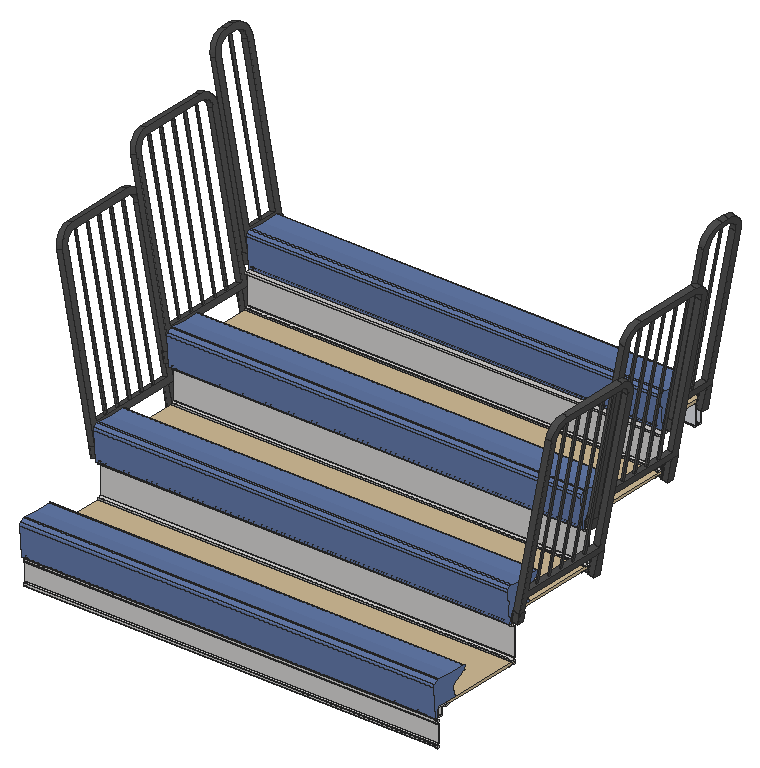
Revit family "Bleacher-Telescopic-Hussey-MAXAM-Wall_Attached", category Specialty Equipment, Revit 2026
Family settings
  Round Connector Dimension = Use Diameter
  Part Type = Normal
  Classification Number = 23.40.50.34.14
  Work Plane-Based = No
  Enable Cutting in Views = No
  Always vertical = Yes
  Cut with Voids When Loaded = No
  Maintain Annotation Orientation = No
  Shared = No
  Room Calculation Point = No
Parameters (values of type "24" Row, 11 5/8" Rise")
  URL = "http://www.husseyseating.com/"
  Type Comments = "Bleacher Bank"  # constant formula
  Top Deck Height [instance] = if(Row Rise Constraint = 1, (Row Rise * Number of Tiers) + 0' 1", if(Row Rise Constraint = 2, (Row Rise * Number of Tiers) - 0' 1", Row Rise * Number of Tiers))  # 3' - 9 1/2"
  Tier Limitation Chart [instance] = "Contact Hussey Seating Company"  # constant formula
  Show in Stowed Position [instance] = not(Show in Open Position)  # no
  Show in Open Position [instance] = yes
  Show End Rails Right [instance] = yes
  Show End Rails Left [instance] = yes
  Seat Type = Bleacher Seat : Courtside XC10
  Seat Color [instance] = Hussey - 301 Blue
  Row Spacing Note = "Do Not Change Row Spacing Constraint"  # constant formula
  Row Spacing Graphic Dimension [instance] = if(Show in Stowed Position, 0' 1", Row Spacing)  # 2' - 0"
  Row Spacing Constraint = 3
  Row Spacing = if(Row Spacing Constraint = 1, 1' 10", if(Row Spacing Constraint = 2, 1' 11", if(Row Spacing Constraint = 3, 2' 0", if(Row Spacing Constraint = 4, 2' 2", 0' 0"))))  # 2' - 0"
  Row Rise Note = "Do Not Change Row Rise Constraint"  # constant formula
  Row Rise Constraint = 2
  Row Rise = if(Row Rise Constraint = 1, 0' 9 5/8", if(Row Rise Constraint = 2, 0' 11 5/8", if(Row Rise Constraint = 3, 1' 4", 0' 0")))  # 0' - 11 5/8"
  Riser Material = Hussey - Galvanized Steel
  Product Page URL = "http://www.husseyseating.com/maxam-gym-bleachers/"
  Overall Unit Height [instance] = if(Row Rise Constraint = 1, (Row Rise * Number of Tiers) + 0' 7 1/2", if(Row Rise Constraint = 2, (Row Rise * Number of Tiers) + 0' 5 1/2", (Row Rise * Number of Tiers) + 0' 6 1/2"))  # 4' - 4"
  Overall Unit Depth [instance] = if(Show in Stowed Position, Closed Dimension, Open Dimension)  # 7' - 1 13/16"
  Open Dimension [instance] = if(Row Spacing Constraint = 1, Row Spacing * (Number of Tiers - 1) + 1' 3 13/16", if(Row Spacing Constraint = 2, Row Spacing * (Number of Tiers - 1) + 1' 2 13/16", if(Row Spacing Constraint = 3, Row Spacing * (Number of Tiers - 1) + 1' 1 13/16", Row Spacing * (Number of Tiers - 1) + 0' 11 13/16")))  # 7' - 1 13/16"
  Number of Tiers [instance] = 4
  Number of Operable Tiers [instance] = Number of Tiers - 1  # 3
  Number of Operable End Rails [instance] = Number of Operable Tiers - 1  # 2
  Nose Beam Material = Hussey - Galvanized Steel
  Model = "MAXAM"
  Manufacturer Phone Number = "1.800.341.0401"  # constant formula
  Manufacturer Email Contact = "mailto:revit@husseyseating.com?Subject=Revit Inquiry"
  Manufacturer Address 1 = "38 Dyer Street Extension"  # constant formula
  Manufacturer Address  2 = "North Berwick, Maine 03906"  # constant formula
  Manufacturer = "Hussey Seating Company"  # constant formula
  Front Row Height [instance] = if(Row Rise = 1' 4", 1' 3 15/16", 0' 10 9/16")  # 0' - 10 9/16"
  Front Closure Material = Hussey - Galvanized Steel
  Front Closure Height [instance] = if(Show in Stowed Position, Front Row Height - 0' 4", Front Row Height - 0' 4")  # 0' - 6 9/16"
  Estimated Seat Count [instance] = (Bank Length / 1' 6") * Number of Tiers  # 24
  End Rail Color = Hussey - Bleacher Rail Color
  Description = "MAXAM Telescopic Gym Bleacher Bank - Wall Attached"
  Default Elevation = 0' - 0"
  Creator URL = "http://www.revituspro.com/"
  Created By = "Revitus"  # constant formula
  Courtside XC12 Note = "Not available for 22'' Row Spacing"  # constant formula
  Copyright Notice = "© Hussey Seating Co.  All Rights Reserved."  # constant formula
  Closed Dimension [instance] = if(Row Rise Constraint = 3, (Number of Tiers * 0' 0 1/2" + 3' 2"), (Number of Tiers * 0' 0 1/2") + 3' 3")  # 3' - 5"
  CSI MasterFormat = "12 66 00"
  Bleacher Deck Material = Hussey - Plywood - 001 Natural - Bleacher Decking
  Bank Length Minimum = "9'-0''"  # constant formula
  Bank Length Maximum = "25'-6''"  # constant formula
  Bank Length Increment = "18'' Typical Increments"  # constant formula
  Bank Length [instance] = 9' - 0"
  BIM Version = "v3.1"  # constant formula
  Assembly Code = "E1020900"
Reference planes (in)
  plane 1 "Center (Front/Back)": y = 5.09375
  plane 2: z = 0
  plane 3 "Center (Left/Right)": x = -66
  plane 4 "Left": x = -120
  plane 5 "Right": x = -12
  plane 6 "Back": y = 48
  plane 7 "Front": y = -37.8125
  plane 8: z = 10.5625
  plane 9: y = -13.8125
  plane 10: z = 22.1875
  plane 11: y = 36.125
  plane 12: y = 10.1875
  plane 13: z = 1
  plane 14 "Top Deck Height": z = 45.5
  plane 15 "End Rail Alignment - Left": through (-120, -180, 0) normal (-0.1908, 0, 0.9816)
  plane 16: z = 33.8125
  plane 17 "End Rail Alignment - Right": through (120, -180, 0) normal (-0.1908, 0, -0.9816)
Lines and regions (in)
  reference lines, visible <- "Show End Rails Left"
    curve 1: line (-132, 48, 0) -> (-132, -37.8125, 0)
  reference lines, visible <- "Show End Rails Right"
    curve 2: line (0, 48, 0) -> (0, -37.8125, 0)
Dimensions and locks (in)
  equal spacing: plane 4 "Left", plane 3 "Center (Left/Right)", plane 5 "Right"
  "Bank Length": plane 4 "Left" to plane 5 "Right"
  equal spacing: plane 6 "Back", plane 1 "Center (Front/Back)", plane 7 "Front"
  "Overall Unit Depth": plane 6 "Back" to plane 7 "Front"
  "Row Spacing Graphic Dimension": plane 7 "Front" to plane 9
  locked: plane 11 to plane 6 "Back" at 11.875
  "Row Rise": plane 10 to plane 8
  "Front Row Height": plane 8 to level
  "Row Spacing Graphic Dimension": plane 9 to plane 12
  locked: plane 13 to level at 1
  equal spacing: group 1, group 2, group 3  (x3)
  "Top Deck Height": plane 14 "Top Deck Height" to level
  equal spacing: group 4, group 5, group 6  (x3)
  "Row Rise": plane 16 to plane 10
  group 7 to group 8 = 0' - 0"
  group 7 to group 8 = 2' - 0"
  group 7 to group 8 = 0' - 11 5/8"
  group 9 to group 10 = 0' - 0"
  group 9 to group 10 = 2' - 0"
  group 9 to group 10 = 0' - 11 5/8"
  locked: curve 1 to plane 4 "Left" at 12
  locked: plane 5 "Right" to curve 2 at 12
  aligned and locked: level to plane 2
  aligned and locked: plane 13 to nested 1
  aligned and locked: nested 1 to plane 7 "Front"
  aligned and locked: plane 4 "Left" to nested 1
  aligned and locked: nested 2 to plane 7 "Front"
  aligned and locked: plane 8 to nested 2
  aligned and locked: plane 4 "Left" to nested 2
  aligned and locked: nested 4 to plane 9
  aligned and locked: nested 4 to plane 10
  aligned and locked: plane 11 to nested 3
  aligned and locked: plane 14 "Top Deck Height" to nested 3
  aligned and locked: plane 4 "Left" to nested 3
  aligned and locked: plane 4 "Left" to nested 6
  aligned and locked: nested 6 to plane 7 "Front"
  aligned and locked: nested 7 to plane 9
  aligned and locked: plane 4 "Left" to nested 9
  aligned and locked: plane 11 to nested 9
  aligned and locked: plane 8 to nested 6
  aligned and locked: plane 10 to nested 7
  aligned and locked: nested 10 to plane 9
  aligned: nested 10 to plane 12
  aligned and locked: plane 4 "Left" to nested 10
  aligned: nested 10 to plane 10
  aligned: nested 11 to plane 14 "Top Deck Height"
  aligned and locked: plane 4 "Left" to nested 11
  aligned and locked: plane 11 to nested 11
  aligned and locked: nested 10 to plane 10
  aligned and locked: nested 11 to plane 14 "Top Deck Height"
  aligned and locked: nested 12 to plane 16
  aligned and locked: plane 12 to nested 12
  aligned and locked: plane 10 to nested 13
  aligned and locked: nested 13 to plane 5 "Right"
  aligned and locked: nested 13 to plane 9
  aligned and locked: nested 14 to plane 12
  aligned and locked: plane 16 to nested 14
  aligned and locked: nested 14 to plane 5 "Right"
  aligned: plane 14 "Top Deck Height" to nested 15
  aligned and locked: nested 15 to plane 11
  aligned and locked: nested 9 to nested 15
  aligned and locked: nested 13 to nested 15
Automatic sketch dimensions
  plane 7 "Front" to curve 2 = 0' - 0"
  curve 2 to plane 6 "Back" = 0' - 0"
  plane 7 "Front" to curve 1 = 0' - 0"
  curve 1 to plane 6 "Back" = 0' - 0"
Nested families (in)
  nested 1: "Bleacher-Front_Closure-Hussey" at (0, -25.8125, 1), Height <- "Front Closure Height", Bank Length <- "Bank Length", type "Bleacher-Front_Closure-Hussey"
    with Height 0' - 6 9/16", Bank Length 9' - 0"
  nested 2: "Bleacher_Tier-Hussey-MAXAM" at (0, -25.8125, 10.5625), Bank Length <- "Bank Length", type "Typical Operable Tier"
    with Bank Length 9' - 0"
  nested 3: "Bleacher_Tier-Hussey-MAXAM" at (0, 48.125, 45.5), Bank Length <- "Bank Length", type "Fixed Wall Tier"
    with Bank Length 9' - 0", Show Wall Plate yes, Show Riser no, Depth 0' - 11 1/8"
  nested 4: "Bleacher_Tier-Hussey-MAXAM" at (0, -1.8125, 22.1875), Bank Length <- "Bank Length", type "Typical Operable Tier"
    with Bank Length 9' - 0"
  nested 5: "Bleacher_Tier-Hussey-MAXAM" at (0, 22.1875, 33.8125), Bank Length <- "Bank Length", type "Typical Operable Tier"
    with Bank Length 9' - 0"
  nested 6: "Bleacher Seat" at (0, -25.8125, 10.5625), Bank Length <- "Bank Length", type <- "Seat Type", type "Courtside XC10"
    with Bank Length 9' - 0"
  nested 7: "Bleacher Seat" at (0, -1.8125, 22.1875), Bank Length <- "Bank Length", type <- "Seat Type", type "Courtside XC10"
    with Bank Length 9' - 0"
  nested 8: "Bleacher Seat" at (0, 22.1875, 33.8125), Bank Length <- "Bank Length", type <- "Seat Type", type "Courtside XC10"
    with Bank Length 9' - 0"
  nested 9: "Bleacher Seat" at (0, 48.125, 45.5), Bank Length <- "Bank Length", type <- "Seat Type", built-in parameter 1001364 <- "Top Deck Height", type "Courtside XC10"
    with Bank Length 9' - 0"
  nested 10: "Bleacher-End_Rail-Hussey-Self_Storing" at (-2.32744, -1.8125, 43.31432) x (0.9816, 0, 0.1908) z (-0.1908, 0, 0.9816), Depth <- "Row Spacing", visible <- "Show End Rails Left", type "Left End Rail"
    with Single Baluster no, Number of Balusters 5, Multiple Balusters yes, Depth 2' - 0", Baluster Spacing 0' - 4"
  nested 11: "Bleacher-End_Rail-Hussey-Self_Storing" at (-2.32744, 48.125, 66.62682) x (0.9816, 0, 0.1908) z (-0.1908, 0, 0.9816), visible <- "Show End Rails Left", type "Left End Rail"
    with Single Baluster yes, Number of Balusters 2, Multiple Balusters no, Depth 0' - 9 1/4", Baluster Spacing 0' - 4 3/8"
  nested 12: "Bleacher-End_Rail-Hussey-Self_Storing" at (-2.32744, 22.1875, 54.93932) x (0.9816, 0, 0.1908) z (-0.1908, 0, 0.9816), Depth <- "Row Spacing", visible <- "Show End Rails Left", type "Left End Rail"
    with Single Baluster no, Number of Balusters 5, Multiple Balusters yes, Depth 2' - 0", Baluster Spacing 0' - 4"
  nested 13: "Bleacher-End_Rail-Hussey-Self_Storing" at (107.39041, -1.8125, -2.76605) x (0.9816, 0, -0.1908) z (0.1908, 0, 0.9816), visible <- "Show End Rails Right", Depth <- "Row Spacing", type "Right End Rail"
    with Single Baluster no, Number of Balusters 5, Multiple Balusters yes, Depth 2' - 0", Baluster Spacing 0' - 4", Right End Rail yes, Left End Rail no
  nested 14: "Bleacher-End_Rail-Hussey-Self_Storing" at (107.39041, 22.1875, 8.85895) x (0.9816, 0, -0.1908) z (0.1908, 0, 0.9816), visible <- "Show End Rails Right", Depth <- "Row Spacing", type "Right End Rail"
    with Single Baluster no, Number of Balusters 5, Multiple Balusters yes, Depth 2' - 0", Baluster Spacing 0' - 4", Right End Rail yes, Left End Rail no
  nested 15: "Bleacher-End_Rail-Hussey-Self_Storing" at (107.39041, 48.125, 20.54645) x (0.9816, 0, -0.1908) z (0.1908, 0, 0.9816), visible <- "Show End Rails Right", type "Right End Rail"
    with Single Baluster yes, Number of Balusters 2, Multiple Balusters no, Depth 0' - 9 1/4", Baluster Spacing 0' - 4 3/8", Right End Rail yes, Left End Rail no
Definition of nested family "Bleacher-Front_Closure-Hussey"
  Parameters
    URL = "http://www.husseyseating.com/"
    Model = ""
    Manufacturer = "Hussey Seating Company"  # constant formula
    Height [instance] = 0' - 6 5/8"
    Front Closure Material = none
    Description = "Front Closure Extrusion Under First Tier"
    Default Elevation = 0' - 0"
    Created By = "Revitus"  # constant formula
    Creator URL = "http://www.revituspro.com/"
    Bank Length [instance] = 20' - 0"
    Assembly Code = ""
  Reference planes (in)
    plane 1: z = 0
    plane 2 "Center (Left/Right)": x = 0
    plane 3 "Left": x = -120
    plane 4 "Right": x = 120
    plane 5 "Front": y = -12
    plane 6: z = 6.625
    plane 7: z = 6.53125
    plane 8: y = -11.90625
    plane 9: y = -11.59415
    plane 10: y = -11.5004
    plane 11: z = 6.125
    plane 12: z = 0.5
    plane 13: z = 0.09375
  Forms (in)
    Extrusion 1, solid, material <- "Front Closure Material"
      sketch origin (0, -12.09375, 9.751) x (0, 1, 0) y (0, 0, 1)
        loop
          arc (0.09375, -3.8615) -> (0.1114, -3.93365) -> (0.16038, -3.98949) r 0.15625
          line (0.16038, -3.98949) -> (0.47295, -4.20836)
          arc (0.47295, -4.20836) -> (0.49254, -4.23069) -> (0.4996, -4.25955) r 0.0625
          line (0.4996, -4.25955) -> (0.4996, -8.61745)
          arc (0.4996, -8.61745) -> (0.49254, -8.64631) -> (0.47295, -8.66864) r 0.0625
          line (0.47295, -8.66864) -> (0.16038, -8.88751)
          arc (0.16038, -8.88751) -> (0.1114, -8.94335) -> (0.09375, -9.0155) r 0.15625
          line (0.09375, -9.0155) -> (0.09375, -9.59475)
          arc (0.09375, -9.59475) -> (0.13951, -9.70524) -> (0.25, -9.751) r 0.15625
          line (0.25, -9.751) -> (0.4371, -9.751)
          arc (0.4371, -9.751) -> (0.54759, -9.70524) -> (0.59335, -9.59475) r 0.15625
          line (0.59335, -9.59475) -> (0.59335, -9.251) -> (0.4996, -9.251) -> (0.4996, -9.59475)
          arc (0.4996, -9.59475) -> (0.48129, -9.63894) -> (0.4371, -9.65725) r 0.0625
          line (0.4371, -9.65725) -> (0.25, -9.65725)
          arc (0.25, -9.65725) -> (0.20581, -9.63894) -> (0.1875, -9.59475) r 0.0625
          line (0.1875, -9.59475) -> (0.1875, -9.0155)
          arc (0.1875, -9.0155) -> (0.19456, -8.98664) -> (0.21415, -8.9643) r 0.0625
          line (0.21415, -8.9643) -> (0.52672, -8.74544)
          arc (0.52672, -8.74544) -> (0.5757, -8.68959) -> (0.59335, -8.61745) r 0.15625
          line (0.59335, -8.61745) -> (0.59335, -4.25955)
          arc (0.59335, -4.25955) -> (0.5757, -4.18741) -> (0.52672, -4.13156) r 0.15625
          line (0.52672, -4.13156) -> (0.21415, -3.9127)
          arc (0.21415, -3.9127) -> (0.19456, -3.89036) -> (0.1875, -3.8615) r 0.0625
          line (0.1875, -3.8615) -> (0.1875, -3.28225)
          arc (0.1875, -3.28225) -> (0.20581, -3.23806) -> (0.25, -3.21975) r 0.0625
          line (0.25, -3.21975) -> (0.4371, -3.21975)
          arc (0.4371, -3.21975) -> (0.48129, -3.23806) -> (0.4996, -3.28225) r 0.0625
          line (0.4996, -3.28225) -> (0.4996, -3.626) -> (0.59335, -3.626) -> (0.59335, -3.28225)
          arc (0.59335, -3.28225) -> (0.54759, -3.17176) -> (0.4371, -3.126) r 0.15625
          line (0.4371, -3.126) -> (0.25, -3.126)
          arc (0.25, -3.126) -> (0.13951, -3.17176) -> (0.09375, -3.28225) r 0.15625
          line (0.09375, -3.28225) -> (0.09375, -3.8615)
      from -120 to 120
  Dimensions and locks (in)
    "Bank Length": plane 3 "Left" to plane 4 "Right"
    equal spacing: plane 3 "Left", plane 2 "Center (Left/Right)", plane 4 "Right"
    "Height": plane 6 to level
    plane 5 "Front" to plane 8 to plane 9 to plane 10 = 0' - 0 3/32" locked, 0' - 0.3121" locked, 0' - 0 3/32" locked
    plane 6 to plane 7 to plane 11 = 0' - 0 3/32" locked, 0' - 0 13/32" locked
    plane 12 to plane 13 to level = 0' - 0 13/32" locked, 0' - 0 3/32" locked
    aligned and locked: plane 1 to level
    aligned and locked: Extrusion 1 to plane 3 "Left"
    aligned and locked: Extrusion 1 to plane 4 "Right"
    aligned and locked: plane 6 to Extrusion 1
  Automatic sketch dimensions
    Extrusion 1 sketch curve to Extrusion 1 sketch curve = 0' - 0"  (x16)
    Extrusion 1 sketch curve to plane 5 "Front" = 0' - 0"  (x2)
    Extrusion 1 sketch curve to plane 8 = 0' - 0"  (x2)
    Extrusion 1 sketch curve to level = 0' - 0"
    Extrusion 1 sketch curve to plane 6 = 0' - 0"
    Extrusion 1 sketch curve to plane 9 = 0' - 0"  (x3)
    Extrusion 1 sketch curve to plane 10 = 0' - 0"
    Extrusion 1 sketch curve to plane 12 = 0' - 0"
    Extrusion 1 sketch curve to plane 11 = 0' - 0"
    plane 8 to Extrusion 1 sketch curve = 0' - 0.02712"  (x2)
    Extrusion 1 sketch curve to plane 8 = 0' - 0.02665"  (x2)
    Extrusion 1 sketch curve to Extrusion 1 sketch curve = 0' - 0 1/16"  (x3)
    Extrusion 1 sketch curve to plane 8 = 0' - 0 1/16"  (x2)
    plane 9 to Extrusion 1 sketch curve = 0' - 0 1/16"  (x3)
    plane 9 to Extrusion 1 sketch curve = 0' - 0.02665"  (x2)
    Extrusion 1 sketch curve to plane 9 = 0' - 0.02712"  (x2)
    plane 12 to Extrusion 1 sketch curve = 0' - 0.2355"
    Extrusion 1 sketch curve to Extrusion 1 sketch curve = 0' - 0.21886"
    Extrusion 1 sketch curve to plane 11 = 0' - 0.63355"
    Extrusion 1 sketch curve to plane 11 = 0' - 0.36349"
Definition of nested family "Bleacher_Tier-Hussey-MAXAM"
  Parameters
    URL = "http://www.husseyseating.com/"
    Show Wall Plate = not(Show Riser)  # no
    Show Riser = yes
    Row Spacing = 2' - 0"
    Row Rise = 0' - 11 5/8"
    Riser Material = none
    Nose Beam Material = none
    Manufacturer = "Hussey Seating Company"  # constant formula
    Depth = if(Show Wall Plate, 0' 11 1/8", Row Spacing)  # 2' - 0"
    Default Elevation = 0' - 0"
    Decking Material = none
    Created By = "Revitus"  # constant formula
    Creator URL = "http://www.revituspro.com/"
    Bank Length [instance] = 20' - 0"
    Assembly Code = ""
  Reference planes (in)
    plane 1 "Center (Front/Back)": y = 0
    plane 2: z = 0
    plane 3 "Center (Left/Right)": x = 0
    plane 4 "Left": x = -120
    plane 5 "Right": x = 120
    plane 6 "Front": y = -12
    plane 7 "Row Spacing Back": y = 12
    plane 8: z = 11.625
    plane 9: z = -0.625
    plane 10: y = -9.25
    plane 11 "Face of Wall": y = 12.75
    plane 12: y = 13.03125
    plane 13: y = 13.125
    plane 14: z = -2.4375
    plane 15: y = -8.25
    plane 16: z = -0.09375
    plane 17: z = -0.1875
    plane 18: y = -10.5625
    plane 19: y = -10.65625
    plane 20: y = -11.90625
    plane 21: y = -9.34375
    plane 22: z = -0.71875
    plane 23: z = -2.34375
    plane 24: y = -9.4375
    plane 25: z = 8.75
    plane 26: z = 8.65625
    plane 27: z = 0.09375
    plane 28: y = 14.53125
    plane 29: y = 14.625
    plane 30: z = 8.25
    plane 31: y = 11.125
    plane 32 "Wall Plate - Front": y = 11
    plane 33: y = 12.625
    plane 34: z = -0.75
    plane 35: z = -6.125
    plane 36: z = -6.25
  Forms (in)
    Extrusion 1, solid, material <- "Decking Material"
      sketch origin (0, 0, 0) x (0, 1, 0) y (0, 0, 1)
        loop
          line (-9.25, 0) -> (-9.25, -0.625) -> (12.75, -0.625) -> (12.75, 0) -> (-9.25, 0)
      from -120 to 120
    Extrusion 2, solid, material <- "Nose Beam Material"
      sketch origin (0, 0, 0) x (0, 1, 0) y (0, 0, 1)
        loop
          arc (-11.8125, 0) -> (-11.94508, -0.05492) -> (-12, -0.1875) r 0.1875
          line (-12, -0.1875) -> (-12, -2.25)
          arc (-12, -2.25) -> (-11.94508, -2.38258) -> (-11.8125, -2.4375) r 0.1875
          line (-11.8125, -2.4375) -> (-10.75, -2.4375)
          arc (-10.75, -2.4375) -> (-10.61742, -2.38258) -> (-10.5625, -2.25) r 0.1875
          line (-10.5625, -2.25) -> (-10.5625, -0.28125)
          arc (-10.5625, -0.28125) -> (-10.53504, -0.21496) -> (-10.46875, -0.1875) r 0.09375
          line (-10.46875, -0.1875) -> (-9.4375, -0.1875) -> (-9.4375, -0.09375)
          arc (-9.4375, -0.09375) -> (-9.37121, -0.12121) -> (-9.34375, -0.1875) r 0.09375
          line (-9.34375, -0.1875) -> (-9.34375, -0.53125)
          arc (-9.34375, -0.53125) -> (-9.28883, -0.66383) -> (-9.15625, -0.71875) r 0.1875
          line (-9.15625, -0.71875) -> (-8.25, -0.71875) -> (-8.25, -0.625) -> (-9.15625, -0.625)
          arc (-9.15625, -0.625) -> (-9.22254, -0.59754) -> (-9.25, -0.53125) r 0.09375
          line (-9.25, -0.53125) -> (-9.25, -0.1875)
          arc (-9.25, -0.1875) -> (-9.30492, -0.05492) -> (-9.4375, 0) r 0.1875
          line (-9.4375, 0) -> (-11.8125, 0)
        loop
          arc (-11.8125, -0.09375) -> (-11.87879, -0.12121) -> (-11.90625, -0.1875) r 0.09375
          line (-11.90625, -0.1875) -> (-11.90625, -2.25)
          arc (-11.90625, -2.25) -> (-11.87879, -2.31629) -> (-11.8125, -2.34375) r 0.09375
          line (-11.8125, -2.34375) -> (-10.75, -2.34375)
          arc (-10.75, -2.34375) -> (-10.68371, -2.31629) -> (-10.65625, -2.25) r 0.09375
          line (-10.65625, -2.25) -> (-10.65625, -0.28125)
          arc (-10.65625, -0.28125) -> (-10.60133, -0.14867) -> (-10.46875, -0.09375) r 0.1875
          line (-10.46875, -0.09375) -> (-11.8125, -0.09375)
      from -120 to 120
    Extrusion 3, solid, material <- "Riser Material", visible <- "Show Riser"
      sketch origin (0, 0, 0) x (0, 1, 0) y (0, 0, 1)
        loop
          arc (12.43197, 8.75) -> (12.25086, 8.61103) -> (12.33822, 8.40012) r 0.1875
          line (12.33822, 8.40012) -> (12.98437, 8.02706)
          arc (12.98437, 8.02706) -> (13.01869, 7.99275) -> (13.03125, 7.94587) r 0.09375
          line (13.03125, 7.94587) -> (13.03125, 0.80413)
          arc (13.03125, 0.80413) -> (13.01869, 0.75725) -> (12.98437, 0.72294) r 0.09375
          line (12.98437, 0.72294) -> (12.33822, 0.34988)
          arc (12.33822, 0.34988) -> (12.25086, 0.13897) -> (12.43197, 0) r 0.1875
          line (12.43197, 0) -> (12.9375, 0)
          arc (12.9375, 0) -> (13.00379, -0.02746) -> (13.03125, -0.09375) r 0.09375
          line (13.03125, -0.09375) -> (13.03125, -0.53125)
          arc (13.03125, -0.53125) -> (13.00379, -0.59754) -> (12.9375, -0.625) r 0.09375
          line (12.9375, -0.625) -> (11.125, -0.625) -> (11.125, -0.71875) -> (12.9375, -0.71875)
          arc (12.9375, -0.71875) -> (13.07008, -0.66383) -> (13.125, -0.53125) r 0.1875
          line (13.125, -0.53125) -> (13.125, -0.09375)
          arc (13.125, -0.09375) -> (13.07008, 0.03883) -> (12.9375, 0.09375) r 0.1875
          line (12.9375, 0.09375) -> (12.43197, 0.09375)
          arc (12.43197, 0.09375) -> (12.34142, 0.16324) -> (12.3851, 0.26869) r 0.09375
          line (12.3851, 0.26869) -> (13.03125, 0.64175)
          arc (13.03125, 0.64175) -> (13.09988, 0.71038) -> (13.125, 0.80413) r 0.1875
          line (13.125, 0.80413) -> (13.125, 7.94587)
          arc (13.125, 7.94587) -> (13.09988, 8.03962) -> (13.03125, 8.10825) r 0.1875
          line (13.03125, 8.10825) -> (12.3851, 8.48131)
          arc (12.3851, 8.48131) -> (12.34142, 8.58676) -> (12.43197, 8.65625) r 0.09375
          line (12.43197, 8.65625) -> (14.4375, 8.65625)
          arc (14.4375, 8.65625) -> (14.50379, 8.62879) -> (14.53125, 8.5625) r 0.09375
          line (14.53125, 8.5625) -> (14.53125, 8.25) -> (14.625, 8.25) -> (14.625, 8.5625)
          arc (14.625, 8.5625) -> (14.57008, 8.69508) -> (14.4375, 8.75) r 0.1875
          line (14.4375, 8.75) -> (12.43197, 8.75)
      from -120 to 120
    Extrusion 4, solid, visible <- "Show Wall Plate"
      sketch origin (0, 0, 0) x (0, 1, 0) y (0, 0, 1)
        loop
          arc (11, -6) -> (11.07322, -6.17678) -> (11.25, -6.25) r 0.25
          line (11.25, -6.25) -> (12.5, -6.25)
          arc (12.5, -6.25) -> (12.67678, -6.17678) -> (12.75, -6) r 0.25
          line (12.75, -6) -> (12.75, -0.875)
          arc (12.75, -0.875) -> (12.67678, -0.69822) -> (12.5, -0.625) r 0.25
          line (12.5, -0.625) -> (11.25, -0.625)
          arc (11.25, -0.625) -> (11.07322, -0.69822) -> (11, -0.875) r 0.25
          line (11, -0.875) -> (11, -6)
        loop
          arc (11.125, -6) -> (11.16161, -6.08839) -> (11.25, -6.125) r 0.125
          line (11.25, -6.125) -> (12.5, -6.125)
          arc (12.5, -6.125) -> (12.58839, -6.08839) -> (12.625, -6) r 0.125
          line (12.625, -6) -> (12.625, -0.875)
          arc (12.625, -0.875) -> (12.58839, -0.78661) -> (12.5, -0.75) r 0.125
          line (12.5, -0.75) -> (11.25, -0.75)
          arc (11.25, -0.75) -> (11.16161, -0.78661) -> (11.125, -0.875) r 0.125
          line (11.125, -0.875) -> (11.125, -6)
      from -120 to 120
  Dimensions and locks (in)
    "Bank Length": plane 4 "Left" to plane 5 "Right"
    equal spacing: plane 4 "Left", plane 3 "Center (Left/Right)", plane 5 "Right"
    equal spacing: plane 6 "Front", plane 1 "Center (Front/Back)", plane 7 "Row Spacing Back"
    "Depth": plane 7 "Row Spacing Back" to plane 6 "Front"
    "Row Rise": plane 8 to level
    plane 6 "Front" to plane 10 to plane 15 = 0' - 2 3/4" locked, 0' - 1" locked
    plane 7 "Row Spacing Back" to plane 11 "Face of Wall" to plane 12 to plane 13 = 0' - 0 3/4" locked, 0' - 0 9/32" locked, 0' - 0 3/32" locked
    level to plane 9 to plane 14 = 0' - 0 5/8" locked, 0' - 1 13/16" locked
    level to plane 16 to plane 17 = 0' - 0 3/32" locked, 0' - 0 3/32" locked
    plane 6 "Front" to plane 20 to plane 19 to plane 18 = 0' - 0 3/32" locked, 0' - 1 1/4" locked, 0' - 0 3/32" locked
    plane 24 to plane 21 to plane 10 = 0' - 0 3/32" locked, 0' - 0 3/32" locked
    locked: plane 9 to plane 22 at 0.09375
    locked: plane 23 to plane 14 at 0.09375
    plane 8 to plane 25 to plane 26 = 0' - 2 7/8" locked, 0' - 0 3/32" locked
    locked: plane 27 to level at 0.09375
    plane 12 to plane 28 to plane 29 = 0' - 1 1/2" locked, 0' - 0 3/32" locked
    locked: plane 25 to plane 30 at 0.5
    plane 9 to plane 34 to plane 35 to plane 36 = 0' - 0 1/8" locked, 0' - 5 3/8" locked, 0' - 0 1/8" locked
    plane 32 "Wall Plate - Front" to plane 31 to plane 33 to plane 11 "Face of Wall" = 0' - 0 1/8" locked, 0' - 1 1/2" locked, 0' - 0 1/8" locked
    aligned and locked: plane 2 to level
    aligned and locked: Extrusion 1 sketch curve to level
    aligned and locked: Extrusion 1 sketch curve to plane 10
    aligned and locked: Extrusion 1 sketch curve to plane 9
    aligned and locked: Extrusion 1 sketch curve to plane 11 "Face of Wall"
    aligned and locked: Extrusion 1 to plane 4 "Left"
    aligned and locked: Extrusion 1 to plane 5 "Right"
    aligned and locked: Extrusion 2 sketch curve to level
    aligned and locked: Extrusion 2 sketch curve to plane 16
    aligned and locked: Extrusion 2 sketch curve to plane 17
    aligned and locked: Extrusion 2 sketch curve to plane 6 "Front"
    aligned and locked: plane 20 to Extrusion 2 sketch curve
    aligned and locked: plane 19 to Extrusion 2 sketch curve
    aligned and locked: plane 18 to Extrusion 2 sketch curve
    aligned and locked: plane 21 to Extrusion 2 sketch curve
    aligned and locked: Extrusion 2 sketch curve to plane 10
    aligned and locked: Extrusion 2 sketch curve to plane 15
    aligned and locked: Extrusion 2 sketch curve to plane 23
    aligned and locked: Extrusion 2 sketch curve to plane 14
    aligned and locked: Extrusion 2 sketch curve to plane 9
    aligned and locked: Extrusion 2 sketch curve to plane 22
    aligned and locked: plane 24 to Extrusion 2 sketch curve
    aligned and locked: Extrusion 2 to plane 4 "Left"
    aligned and locked: Extrusion 2 to plane 5 "Right"
    aligned and locked: Extrusion 3 sketch curve to plane 25
    aligned and locked: Extrusion 3 sketch curve to plane 26
    aligned and locked: Extrusion 3 sketch curve to plane 13
    aligned and locked: Extrusion 3 sketch curve to plane 12
    aligned and locked: Extrusion 3 sketch curve to plane 29
    aligned and locked: Extrusion 3 sketch curve to plane 28
    aligned and locked: plane 22 to Extrusion 3 sketch curve
    aligned and locked: Extrusion 3 sketch curve to plane 9
    aligned and locked: Extrusion 3 sketch curve to level
    aligned and locked: Extrusion 3 sketch curve to plane 27
    aligned and locked: Extrusion 3 sketch curve to plane 30
    aligned and locked: plane 31 to Extrusion 3 sketch curve
    aligned and locked: Extrusion 3 to plane 4 "Left"
    aligned and locked: Extrusion 3 to plane 5 "Right"
    aligned and locked: Extrusion 4 sketch curve to plane 32 "Wall Plate - Front"
    aligned and locked: Extrusion 4 sketch curve to plane 31
    aligned and locked: Extrusion 4 sketch curve to plane 36
    aligned and locked: Extrusion 4 sketch curve to plane 35
    aligned and locked: Extrusion 4 sketch curve to plane 33
    aligned and locked: Extrusion 4 sketch curve to plane 11 "Face of Wall"
    aligned and locked: Extrusion 4 sketch curve to plane 34
    aligned and locked: Extrusion 4 sketch curve to plane 9
    aligned and locked: Extrusion 4 to plane 4 "Left"
    aligned and locked: Extrusion 4 to plane 5 "Right"
  Automatic sketch dimensions
    Extrusion 2 sketch curve to Extrusion 2 sketch curve = 0' - 0"  (x8)
    Extrusion 2 sketch curve to plane 17 = 0' - 0"
    Extrusion 2 sketch curve to plane 16 = 0' - 0"
    plane 20 to Extrusion 2 sketch curve = 0' - 0 3/32"
    Extrusion 2 sketch curve to Extrusion 2 sketch curve = 0' - 0 3/32"
    Extrusion 2 sketch curve to plane 17 = 0' - 0 3/32"
    Extrusion 2 sketch curve to plane 10 = 0' - 0 3/32"
    Extrusion 3 sketch curve to Extrusion 3 sketch curve = 0' - 0"  (x11)
    Extrusion 3 sketch curve to plane 12 = 0' - 0"  (x3)
    Extrusion 3 sketch curve to plane 13 = 0' - 0"
    plane 16 to Extrusion 3 sketch curve = 0' - 0"
    plane 12 to Extrusion 3 sketch curve = 0' - 0 3/32"  (x3)
    plane 11 "Face of Wall" to Extrusion 3 sketch curve = 0' - 0.31803"  (x2)
    Extrusion 3 sketch curve to Extrusion 3 sketch curve = 0' - 0 3/64"  (x4)
    plane 12 to Extrusion 3 sketch curve = 0' - 0 3/64"  (x2)
    Extrusion 3 sketch curve to Extrusion 3 sketch curve = 0' - 0 3/32"
    plane 27 to Extrusion 3 sketch curve = 0' - 0 3/32"
    plane 27 to Extrusion 3 sketch curve = 0' - 0.548"
    Extrusion 3 sketch curve to plane 26 = 0' - 0.71038"
    Extrusion 3 sketch curve to plane 26 = 0' - 0.25613"
    Extrusion 4 sketch curve to Extrusion 4 sketch curve = 0' - 0"  (x4)
    Extrusion 4 sketch curve to plane 31 = 0' - 0 1/8"  (x2)
    plane 33 to Extrusion 4 sketch curve = 0' - 0 1/8"  (x2)
Definition of nested family "Bleacher Seat"
  Parameters
    URL = "http://www.husseyseating.com/"
    Show XC12 = no
    Show XC10 = yes
    Show Classic Wood Seat = no
    Seat Color = none
    Model = "CourtSide XC10"
    Manufacturer = "Hussey Seating Company"  # constant formula
    Default Elevation = 0' - 0"
    Created By = "Revitus"  # constant formula
    Creator URL = "http://www.revituspro.com/"
    Bank Length [instance] = 20' - 0"
    Assembly Code = ""
  Reference planes (in)
    plane 1: z = 0
    plane 2 "Center (Left/Right)": x = 0
    plane 3 "Left": x = -120
    plane 4 "Right": x = 120
    plane 5 "Front": y = -12
    plane 6 "Host Level Offset Bottom": z = -8
    plane 7 "Host Level Offset Top": z = 8
  Forms (in)
    Extrusion 1, solid, material <- "Seat Color", visible <- "Show XC10"
      sketch origin (0, 0, 0) x (0, 1, 0) y (0, 0, 1)
        loop
          line (-11.8125, 0) -> (-6.27222, 0) -> (-6.97372, 2.36822)
          arc (-6.97372, 2.36822) -> (-6.9994, 2.46728) -> (-7.01998, 2.56753) r 2
          arc (-7.01998, 2.56753) -> (-6.96581, 3.00687) -> (-6.67332, 3.33914) r 0.75
          line (-6.67332, 3.33914) -> (-4.24513, 4.82586)
          arc (-4.24513, 4.82586) -> (-3.94252, 4.96751) -> (-3.61606, 5.03866) r 1.5
          arc (-3.61606, 5.03866) -> (-3.47664, 5.05337) -> (-3.33728, 5.06869) r 32.21588
          arc (-3.33728, 5.06869) -> (-3.31572, 5.08178) -> (-3.31176, 5.10668) r 0.03
          line (-3.31176, 5.10668) -> (-3.46714, 5.64853)
          arc (-3.46714, 5.64853) -> (-3.46045, 5.70866) -> (-3.41358, 5.74692) r 0.08
          arc (-3.41358, 5.74692) -> (-3.28838, 5.81194) -> (-3.23332, 5.94182) r 0.2083
          line (-3.23332, 5.94182) -> (-3.23332, 6.00281)
          arc (-3.23332, 6.00281) -> (-3.33303, 6.22615) -> (-3.56588, 6.30102) r 0.29999
          arc (-3.56588, 6.30102) -> (-7.6105, 6.12553) -> (-11.64345, 6.47919) r 30.96588
          arc (-11.64345, 6.47919) -> (-11.88356, 6.484) -> (-12.11945, 6.43895) r 1.1526
          arc (-12.11945, 6.43895) -> (-12.59256, 6.21492) -> (-12.97892, 5.86171) r 1.76109
          arc (-12.97892, 5.86171) -> (-13.19235, 5.56913) -> (-13.23339, 5.20932) r 0.7088
          arc (-13.23339, 5.20932) -> (-13.02864, 1.37672) -> (-12.60147, -2.4375) r 66
          line (-12.60147, -2.4375) -> (-12, -2.4375) -> (-12, -0.1875)
          arc (-12, -0.1875) -> (-11.94508, -0.05492) -> (-11.8125, 0) r 0.1875
      from -120 to 120
    Extrusion 2, solid, material <- "Seat Color", visible <- "Show Classic Wood Seat"
      sketch origin (0, 0, 0) x (0, 1, 0) y (0, 0, 1)
        loop
          line (-12, 5.4375) -> (-12.75, 5.4375) -> (-12.75, -2.22535)
          arc (-12.75, -2.22535) -> (-12.375, -2.4375) -> (-12, -2.22535) r 0.4375
          line (-12, -2.22535) -> (-12, 5.4375)
        loop
          line (-4.18696, 6.02394) -> (-12.75906, 6.27231)
          arc (-12.75906, 6.27231) -> (-12.98199, 5.90361) -> (-12.78078, 5.52262) r 0.4375
          line (-12.78078, 5.52262) -> (-4.20869, 5.27426)
          arc (-4.20869, 5.27426) -> (-3.98576, 5.64296) -> (-4.18696, 6.02394) r 0.4375
      from -120 to 120
    Extrusion 3, solid, material <- "Seat Color", visible <- "Show XC12"
      sketch origin (0, 0, 0) x (0, 1, 0) y (0, 0, 1)
        loop
          line (-11.8125, 0) -> (-4.66697, 0) -> (-5.65002, 3.11784) -> (-1.62017, 5.26175)
          arc (-1.62017, 5.26175) -> (-1.56901, 5.25756) -> (-1.51779, 5.26091) r 0.35
          arc (-1.51779, 5.26091) -> (-1.38738, 5.32486) -> (-1.33463, 5.4602) r 0.2
          line (-1.33463, 5.4602) -> (-1.33463, 5.72823)
          arc (-1.33463, 5.72823) -> (-1.45521, 6.05387) -> (-1.75878, 6.22245) r 0.5
          line (-1.75878, 6.22245) -> (-3.66896, 6.46462) -> (-5.71322, 6.46637)
          arc (-5.71322, 6.46637) -> (-8.17496, 6.47218) -> (-10.63266, 6.61324) r 44.78937
          arc (-10.63266, 6.61324) -> (-11.73081, 6.45288) -> (-12.59544, 5.75714) r 2.10864
          line (-12.59544, 5.75714) -> (-13.21576, 4.92083)
          arc (-13.21576, 4.92083) -> (-13.3805, 4.53599) -> (-13.43565, 4.12101) r 1.54192
          arc (-13.43565, 4.12101) -> (-13.30757, 0.72964) -> (-12.72588, -2.61393) r 25.25144
          line (-12.72588, -2.61393) -> (-12, -2.61395) -> (-12, -0.1875)
          arc (-12, -0.1875) -> (-11.94508, -0.05492) -> (-11.8125, 0) r 0.1875
      from -120 to 120
    Extrusion 4, solid, visible <- "Show Classic Wood Seat"
      sketch origin (0, 0, 0) x (0, 1, 0) y (0, 0, 1)
        loop
          line (-11.63037, 0) -> (-7, 0) -> (-7, 0.1196) -> (-7.86588, 0.1196) -> (-11.6304, 0.1196)
          arc (-11.6304, 0.1196) -> (-11.80718, 0.19282) -> (-11.8804, 0.3696) r 0.25
          line (-11.8804, 0.3696) -> (-11.8804, 0.5) -> (-11.8804, 4.25) -> (-11.8804, 4.375) -> (-11.8804, 5.11954)
          arc (-11.8804, 5.11954) -> (-11.8046, 5.29885) -> (-11.62316, 5.36943) r 0.25
          line (-11.62316, 5.36943) -> (-6.24255, 5.21354) -> (-4.38166, 5.15962) -> (-4.25671, 5.156) -> (-4.25325, 5.27555) -> (-11.6197, 5.48898)
          arc (-11.6197, 5.48898) -> (-11.88793, 5.38464) -> (-12, 5.11954) r 0.3696
          line (-12, 5.11954) -> (-12, 0.375)
          arc (-12, 0.375) -> (-11.89364, 0.11017) -> (-11.63037, 0) r 0.36967
      from -120 to 120
  Dimensions and locks (in)
    "Bank Length": plane 3 "Left" to plane 4 "Right"
    equal spacing: plane 3 "Left", plane 2 "Center (Left/Right)", plane 4 "Right"
    aligned and locked: plane 1 to level
    aligned and locked: Extrusion 1 sketch curve to level
    aligned and locked: Extrusion 1 sketch curve to plane 5 "Front"
    aligned and locked: Extrusion 1 to plane 3 "Left"
    aligned and locked: Extrusion 1 to plane 4 "Right"
    aligned and locked: Extrusion 2 to plane 3 "Left"
    aligned and locked: Extrusion 2 to plane 4 "Right"
    aligned and locked: Extrusion 3 to plane 3 "Left"
    aligned and locked: Extrusion 3 to plane 4 "Right"
    aligned and locked: Extrusion 4 to plane 4 "Right"
    aligned and locked: Extrusion 4 to plane 3 "Left"
  Automatic sketch dimensions
    Extrusion 1 sketch curve to Extrusion 1 sketch curve = 0' - 0"  (x7)
    Extrusion 1 sketch curve to plane 5 "Front" = 0' - 0.11945"
    Extrusion 1 sketch curve to plane 5 "Front" = 0' - 0.532"
    Extrusion 1 sketch curve to Extrusion 1 sketch curve = 0' - 0.60147"
    Extrusion 1 sketch curve to Extrusion 1 sketch curve = 0' - 0.44692"
    Extrusion 1 sketch curve to Extrusion 1 sketch curve = 0' - 0.25447"
    plane 5 "Front" to Extrusion 1 sketch curve = 0' - 0 3/16"
    plane 5 "Front" to Extrusion 1 sketch curve = 0' - 0.21354"
    plane 5 "Front" to Extrusion 1 sketch curve = 0' - 0.35655"
    plane 5 "Front" to Extrusion 1 sketch curve = 0' - 0.38933"
    Extrusion 1 sketch curve to Extrusion 1 sketch curve = 0' - 5.54028"
    level to Extrusion 1 sketch curve = 0' - 2.36822"
    Extrusion 1 sketch curve to Extrusion 1 sketch curve = 0' - 0.04626"
    plane 5 "Front" to Extrusion 1 sketch curve = 0' - 5.07235"
    Extrusion 1 sketch curve to Extrusion 1 sketch curve = 0' - 0.34667"
    Extrusion 1 sketch curve to Extrusion 1 sketch curve = 0' - 0 189/256"
    Extrusion 1 sketch curve to Extrusion 1 sketch curve = 0' - 0.7015"
    Extrusion 1 sketch curve to Extrusion 1 sketch curve = 0' - 1.23049"
    Extrusion 1 sketch curve to Extrusion 1 sketch curve = 0' - 0.80607"
    Extrusion 1 sketch curve to Extrusion 1 sketch curve = 0' - 0.62907"
    Extrusion 1 sketch curve to Extrusion 1 sketch curve = 0' - 0.05018"
    Extrusion 1 sketch curve to Extrusion 1 sketch curve = 0' - 0.03257"
    Extrusion 1 sketch curve to Extrusion 1 sketch curve = 0' - 0.06618"
    Extrusion 1 sketch curve to Extrusion 1 sketch curve = 0' - 0.78326"
    Extrusion 1 sketch curve to Extrusion 1 sketch curve = 0' - 0.09201"
    Extrusion 1 sketch curve to Extrusion 1 sketch curve = 0' - 0.05356"
    Extrusion 1 sketch curve to Extrusion 1 sketch curve = 0' - 0.02339"
    Extrusion 1 sketch curve to Extrusion 1 sketch curve = 0' - 0.27543"
    Extrusion 1 sketch curve to Extrusion 1 sketch curve = 0' - 0.00334"
    level to Extrusion 1 sketch curve = 0' - 5.10668"
    Extrusion 1 sketch curve to Extrusion 1 sketch curve = 0' - 0.02886"
    Extrusion 1 sketch curve to Extrusion 1 sketch curve = 0' - 0.20798"
    level to Extrusion 1 sketch curve = 0' - 6.81231"
    Extrusion 1 sketch curve to Extrusion 1 sketch curve = 4' - 7 251/256"
    Extrusion 1 sketch curve to Extrusion 1 sketch curve = 0' - 2 1/4"
    Extrusion 1 sketch curve to Extrusion 1 sketch curve = 0' - 1.56008"
    Extrusion 1 sketch curve to Extrusion 1 sketch curve = 0' - 0.45636"
    Extrusion 1 sketch curve to Extrusion 1 sketch curve = 0' - 0.35428"
    Extrusion 1 sketch curve to Extrusion 1 sketch curve = 0' - 0.02189"
    Extrusion 1 sketch curve to Extrusion 1 sketch curve = 0' - 0.06098"
    Extrusion 1 sketch curve to Extrusion 1 sketch curve = 0' - 0.19931"
    Extrusion 2 sketch curve to plane 5 "Front" = 0' - 0"
    Extrusion 2 sketch curve to plane 5 "Front" = 0' - 0 3/8"
    Extrusion 2 sketch curve to plane 5 "Front" = 0' - 0.54467"
    Extrusion 2 sketch curve to Extrusion 2 sketch curve = 0' - 0 3/8"
    Extrusion 2 sketch curve to Extrusion 2 sketch curve = 0' - 0.21439"  (x2)
    Extrusion 2 sketch curve to Extrusion 2 sketch curve = 0' - 0.03078"
    plane 7 "Host Level Offset Top" to Extrusion 2 sketch curve = 0' - 2.34437"
    plane 5 "Front" to Extrusion 2 sketch curve = 0' - 7.57692"
    plane 7 "Host Level Offset Top" to Extrusion 2 sketch curve = 0' - 2.72574"
    plane 7 "Host Level Offset Top" to Extrusion 2 sketch curve = 0' - 1.97606"
    Extrusion 2 sketch curve to level = 0' - 2"
    Extrusion 2 sketch curve to Extrusion 2 sketch curve = 0' - 0.22535"
    plane 7 "Host Level Offset Top" to Extrusion 2 sketch curve = 0' - 2 9/16"
    Extrusion 2 sketch curve to Extrusion 2 sketch curve = 0' - 0.08512"
    Extrusion 2 sketch curve to Extrusion 2 sketch curve = 0' - 0.36832"
    Extrusion 3 sketch curve to plane 5 "Front" = 0' - 0"
    Extrusion 3 sketch curve to level = 0' - 0"
    Extrusion 3 sketch curve to plane 5 "Front" = 0' - 0.59544"
    Extrusion 3 sketch curve to plane 5 "Front" = 0' - 0.72588"
    Extrusion 3 sketch curve to Extrusion 3 sketch curve = 0' - 0.62031"
    Extrusion 3 sketch curve to Extrusion 3 sketch curve = 0' - 0.21989"
    plane 5 "Front" to Extrusion 3 sketch curve = 0' - 0.10626"
    Extrusion 3 sketch curve to Extrusion 3 sketch curve = 0' - 0 3/16"
    Extrusion 3 sketch curve to Extrusion 3 sketch curve = 0' - 1.00595"
    plane 5 "Front" to Extrusion 3 sketch curve = 0' - 1.36734"
    plane 5 "Front" to Extrusion 3 sketch curve = 0' - 5.16161"
    plane 7 "Host Level Offset Top" to Extrusion 3 sketch curve = 0' - 1.53363"
    Extrusion 3 sketch curve to Extrusion 3 sketch curve = 0' - 4.91945"
    level to Extrusion 3 sketch curve = 0' - 3.11784"
    Extrusion 3 sketch curve to Extrusion 3 sketch curve = 0' - 0.06319"
    Extrusion 3 sketch curve to Extrusion 3 sketch curve = 0' - 0.98305"
    plane 7 "Host Level Offset Top" to Extrusion 3 sketch curve = 0' - 1.53538"
    Extrusion 3 sketch curve to Extrusion 3 sketch curve = 0' - 2.04426"
    Extrusion 3 sketch curve to Extrusion 3 sketch curve = 0' - 1.83433"
    Extrusion 3 sketch curve to Extrusion 3 sketch curve = 0' - 0.07585"
    Extrusion 3 sketch curve to Extrusion 3 sketch curve = 0' - 0.21445"
    Extrusion 3 sketch curve to Extrusion 3 sketch curve = 0' - 0.26849"
    Extrusion 3 sketch curve to Extrusion 3 sketch curve = 0' - 0.03151"
    Extrusion 3 sketch curve to Extrusion 3 sketch curve = 0' - 0.10238"
    Extrusion 3 sketch curve to Extrusion 3 sketch curve = 0' - 0.2"
    Extrusion 3 sketch curve to Extrusion 3 sketch curve = 0' - 0.23151"
    level to Extrusion 3 sketch curve = 0' - 3.37615"
    Extrusion 3 sketch curve to Extrusion 3 sketch curve = 1' - 1.13943"
    Extrusion 3 sketch curve to Extrusion 3 sketch curve = 0' - 2.42643"
    Extrusion 3 sketch curve to Extrusion 3 sketch curve = 0' - 0"  (x2)
    Extrusion 3 sketch curve to Extrusion 3 sketch curve = 0' - 0.00623"
    Extrusion 3 sketch curve to Extrusion 3 sketch curve = 0' - 0.39285"
    Extrusion 3 sketch curve to Extrusion 3 sketch curve = 0' - 1.20371"
    Extrusion 3 sketch curve to Extrusion 3 sketch curve = 0' - 0.00084"
    Extrusion 3 sketch curve to Extrusion 3 sketch curve = 0' - 0.12068"
    Extrusion 3 sketch curve to Extrusion 3 sketch curve = 0' - 0.83631"
    Extrusion 4 sketch curve to Extrusion 4 sketch curve = 0' - 0"  (x2)
    Extrusion 4 sketch curve to level = 0' - 0"
    plane 5 "Front" to Extrusion 4 sketch curve = 0' - 0"
    plane 5 "Front" to Extrusion 4 sketch curve = 0' - 0.1196"
    level to Extrusion 4 sketch curve = 0' - 0.1196"
    Extrusion 4 sketch curve to Extrusion 4 sketch curve = 0' - 0 1/4"  (x2)
    Extrusion 4 sketch curve to Extrusion 4 sketch curve = 0' - 0.00003"
    Extrusion 4 sketch curve to Extrusion 4 sketch curve = 0' - 0.00724"
    Extrusion 4 sketch curve to Extrusion 4 sketch curve = 0' - 0.00346"
    Extrusion 4 sketch curve to Extrusion 4 sketch curve = 0' - 3.76452"
    Extrusion 4 sketch curve to Extrusion 4 sketch curve = 0' - 0.86588"
    plane 7 "Host Level Offset Top" to Extrusion 4 sketch curve = 0' - 2.78646"
    Extrusion 4 sketch curve to Extrusion 4 sketch curve = 0' - 0.75745"
    plane 7 "Host Level Offset Top" to Extrusion 4 sketch curve = 0' - 2.84038"
    Extrusion 4 sketch curve to Extrusion 4 sketch curve = 0' - 1.86089"
    plane 7 "Host Level Offset Top" to Extrusion 4 sketch curve = 0' - 2.844"
    Extrusion 4 sketch curve to Extrusion 4 sketch curve = 0' - 0.12495"
    plane 7 "Host Level Offset Top" to Extrusion 4 sketch curve = 0' - 2.72445"
    Extrusion 4 sketch curve to Extrusion 4 sketch curve = 0' - 0.00007"
    Extrusion 4 sketch curve to Extrusion 4 sketch curve = 0' - 0.1304"
    Extrusion 4 sketch curve to Extrusion 4 sketch curve = 0' - 0.86954"
    Extrusion 4 sketch curve to Extrusion 4 sketch curve = 0' - 0 1/8"
Definition of nested family "Bleacher-End_Rail-Hussey-Self_Storing"
  Parameters
    URL = "http://www.husseyseating.com/"
    Single Baluster [instance] = not(Multiple Balusters)  # no
    Right End Rail = no
    Number of Balusters [instance] = if(Single Baluster, 2, (Depth / 0' 4") - 1)  # 5
    Multiple Balusters [instance] = not(Depth < 0' 10")  # yes
    Model = ""
    Manufacturer = "Hussey Seating Company"  # constant formula
    Left End Rail = yes
    Height = 4' - 2 13/16"
    End Rail Color = none
    Description = "Self-Storing End Rail"
    Depth [instance] = 2' - 0"
    Default Elevation = 4' - 0"
    Created By = "Revitus"  # constant formula
    Creator URL = "http://www.revituspro.com/"
    Baluster Spacing [instance] = if(Depth < 1' 0", (Depth - 0' 0 1/2") / 2, 0' 4")  # 0' - 4"
    Baluster Height = Height - 0' 9"  # 3' - 5 13/16"
    Assembly Code = ""
  Reference planes (in)
    plane 1: z = 0
    plane 2 "Left": x = -120
    plane 3 "Front": y = -12
    plane 4 "Top": z = 50.8125
    plane 5: x = -121.5
    plane 6: x = -120.75
    plane 7: y = 12
    plane 8: y = 13
    plane 9: y = 14.5
    plane 10: y = -10.5
    plane 11: z = 49.3125
    plane 12: z = 6
    plane 13: z = 7.5
    plane 14 "First Baluster": y = -6.5
    plane 15 "Last Baluster": y = 9
    plane 16: y = -10.375
    plane 17: y = -12.125
    plane 18: x = -121.625
    plane 19: x = -119.875
    plane 20: y = 14.625
    plane 21: y = 12.875
    plane 22: z = -0.125
    plane 23: z = 2.5
    plane 24: y = -11.90625
    plane 25: y = -11.78125
    plane 26: y = 13.125
    plane 27: y = 13.25
    plane 28: through (-118.20388, -180, -1.88453) normal (-0.9816, 0, 0.1908)
    plane 29: through (-123.29612, -180, -1.88453) normal (-0.9816, 0, -0.1908)
  Forms (in)
    Sweep 1, solid, material <- "End Rail Color"
      path origin (-120, 0, 0) x (0, 1, 0) y (0, 0, 1)
        loop
          line (14.5, 0) -> (14.5, 46.4375)
          arc (14.5, 46.4375) -> (13.21859, 49.53109) -> (10.125, 50.8125) r 4.375
          line (10.125, 50.8125) -> (-7.625, 50.8125)
          arc (-7.625, 50.8125) -> (-10.71859, 49.53109) -> (-12, 46.4375) r 4.375
          line (-12, 46.4375) -> (-12, 0)
      profile origin (-120, -12, 23.21875) x (1, 0, 0) y (0, 1, 0)
        loop
          line (-1.5, 0) -> (0, 0) -> (0, 1.5) -> (-1.5, 1.5) -> (-1.5, 0)
    Extrusion 2, solid, material <- "End Rail Color"
      sketch origin (0, -12, 0) x (-1, 0, 0) y (0, 0, 1)
        loop
          line (121.5, 7.5) -> (120, 7.5) -> (120, 6) -> (121.5, 6) -> (121.5, 7.5)
      from 1.5 to 25
    Extrusion 3, solid, detail levels medium+fine
      sketch origin (0, 0, 0) x (1, 0, 0) y (0, 1, 0)
        loop
          line (-121.625, -12.125) -> (-119.875, -12.125) -> (-119.875, -10.375) -> (-121.625, -10.375) -> (-121.625, -12.125)
        loop
          line (-120, -10.5) -> (-121.5, -10.5) -> (-121.5, -12) -> (-120, -12) -> (-120, -10.5)
      from 0 to 2.5
    Extrusion 4, solid, detail levels medium+fine
      sketch origin (0, 0, 0) x (1, 0, 0) y (0, 1, 0)
        loop
          line (-121.625, -12.125) -> (-119.875, -12.125) -> (-119.875, -10.375) -> (-121.625, -10.375) -> (-121.625, -12.125)
      from -0.125 to 0
    Extrusion 5, solid, detail levels medium+fine
      sketch origin (0, 0, 0) x (1, 0, 0) y (0, 1, 0)
        loop
          line (-121.625, 14.625) -> (-121.625, 12.875) -> (-119.875, 12.875) -> (-119.875, 14.625) -> (-121.625, 14.625)
      from -0.125 to 0
    Extrusion 6, solid, detail levels medium+fine
      sketch origin (0, 0, 0) x (1, 0, 0) y (0, 1, 0)
        loop
          line (-121.625, 14.625) -> (-121.625, 12.875) -> (-119.875, 12.875) -> (-119.875, 14.625) -> (-121.625, 14.625)
        loop
          line (-120, 14.5) -> (-121.5, 14.5) -> (-121.5, 13) -> (-120, 13) -> (-120, 14.5)
      from 0 to 6
    Extrusion 7, solid, visible <- "Left End Rail", detail levels medium+fine
      sketch origin (0, -12, 0) x (-1, 0, 0) y (0, 0, 1)
        loop
          line (119.875, 0.15551) -> (119.875, 1.68359) -> (117.5964, 1.24068) -> (117.88262, -0.23177) -> (119.875, 0.15551)
      from 0.09375 to 0.21875
    Extrusion 8, solid, visible <- "Right End Rail", detail levels medium+fine
      sketch origin (-241.5, -12, 0) x (1, 0, 0) y (0, 0, -1)
        loop
          line (119.875, -0.15551) -> (117.88262, 0.23177) -> (117.5964, -1.24068) -> (119.875, -1.68359) -> (119.875, -0.15551)
      from 0.09375 to 0.21875
    Extrusion 9, solid, visible <- "Left End Rail", detail levels medium+fine
      sketch origin (0, -1, 0) x (-1, 0, 0) y (0, 0, -1)
        loop
          line (119.875, -0.15551) -> (117.88262, 0.23177) -> (117.5964, -1.24068) -> (119.875, -1.68359) -> (119.875, -0.15551)
      from -14.25 to -14.125
    Extrusion 10, solid, visible <- "Right End Rail", detail levels medium+fine
      sketch origin (-241.5, -1, 0) x (1, 0, 0) y (0, 0, 1)
        loop
          line (119.875, 0.15551) -> (119.875, 1.68359) -> (117.5964, 1.24068) -> (117.88262, -0.23177) -> (119.875, 0.15551)
      from -14.25 to -14.125
  Cuts and joins
    joined: Sweep 1, Extrusion 2
    joined: Extrusion 3, Extrusion 4
    joined: Extrusion 5, Extrusion 6
  Lines and regions (in)
    reference lines
      curve 1: line (-119.875, -12, 0) -> (-117.58529, -12, 11.77953)
      curve 5: line (-121.625, -12, 0) -> (-123.91471, -12, 11.77953)
    reference lines, not visible
      curve 2: line (-119.55966, -12, 1.62229) -> (-116.61478, -12, 1.04987)
      curve 3: line (-119.84587, -12, 0.14985) -> (-118.86424, -12, -0.04096)
      curve 6: line (-121.94034, -12, 1.62229) -> (-124.88522, -12, 1.04987)
      curve 7: line (-121.65413, -12, 0.14985) -> (-122.63576, -12, -0.04096)
    reference lines, visible <- "Left End Rail"
      curve 4: line (-119.54177, -12, 1.71432) -> (-116.59689, -12, 1.14189)
    reference lines, visible <- "Right End Rail"
      curve 8: line (-121.95823, -12, 1.71432) -> (-124.90311, -12, 1.14189)
  Dimensions and locks (in)
    "Height": plane 4 "Top" to level
    plane 2 "Left" to plane 6 to plane 5 = 0' - 0 3/4" locked, 0' - 0 3/4" locked
    "Depth": plane 3 "Front" to plane 7
    locked: plane 3 "Front" to plane 10 at 1.5
    plane 7 to plane 8 to plane 9 = 0' - 1" locked, 0' - 1 1/2" locked
    locked: plane 4 "Top" to plane 11 at 1.5
    locked: plane 13 to plane 12 at 1.5
    "Baluster Spacing": plane 10 to plane 14 "First Baluster"
    "Baluster Spacing": plane 15 "Last Baluster" to plane 8
    "Baluster Height": plane 11 to plane 13
    equal spacing: group 1, group 3, group 4, group 5, group 2  (x3)
    locked: plane 3 "Front" to plane 17 at 0.125
    locked: plane 16 to plane 10 at 0.125
    locked: plane 18 to plane 5 at 0.125
    locked: plane 2 "Left" to plane 19 at 0.125
    locked: plane 9 to plane 20 at 0.125
    locked: plane 21 to plane 8 at 0.125
    locked: plane 1 to plane 22 at 0.125
    locked: plane 23 to plane 1 at 2.5
    locked: curve 1 to curve 1 at 12
    plane 3 "Front" to plane 24 to plane 25 = 0' - 0 3/32" locked, 0' - 0 1/8" locked
    plane 7 to plane 26 to plane 27 = 0' - 1 1/8" locked, 0' - 0 1/8" locked
    locked: curve 2 to curve 1 at 3
    locked: plane 28 to curve 1 at 2
    curve 3 to curve 2 to curve 4 = 0' - 1 1/2" locked, 0' - 0 3/32" locked
    locked: curve 5 to curve 5 at 12
    curve 7 to curve 6 to curve 8 = 0' - 1 1/2" locked, 0' - 0 3/32" locked
    locked: curve 5 to plane 29 at 2
    locked: curve 5 to curve 6 at 3
    locked: plane 1 to curve 1 (angle 79.00°)
    locked: curve 2 to curve 1 (angle 90.00°)
    locked: curve 5 to level (angle 79.00°)
    aligned and locked: plane 1 to level
    aligned and locked: Sweep 1 sketch curve to plane 3 "Front"
    aligned and locked: Sweep 1 sketch curve to plane 4 "Top"
    aligned and locked: Sweep 1 sketch curve to plane 9
    aligned and locked: plane 1 to Sweep 1 sketch curve  (x2)
    aligned and locked: plane 5 to Sweep 1 sketch curve
    aligned and locked: plane 10 to Sweep 1 sketch curve
    aligned and locked: plane 2 "Left" to Sweep 1 sketch curve
    aligned and locked: plane 3 "Front" to Sweep 1 sketch curve
    aligned and locked: plane 13 to Extrusion 2 sketch curve
    aligned and locked: plane 12 to Extrusion 2 sketch curve
    aligned and locked: plane 5 to Extrusion 2 sketch curve
    aligned and locked: plane 2 "Left" to Extrusion 2 sketch curve
    aligned and locked: plane 10 to Extrusion 2
    aligned and locked: Extrusion 2 to plane 8
    aligned and locked: plane 13 to nested 1
    aligned and locked: plane 14 "First Baluster" to nested 1
    aligned and locked: nested 1 to plane 6
    aligned and locked: plane 15 "Last Baluster" to nested 2
    aligned and locked: plane 13 to nested 2
    aligned and locked: plane 13 to nested 3
    aligned and locked: plane 15 "Last Baluster" to nested 3
    aligned and locked: nested 3 to plane 6
    aligned and locked: Extrusion 3 sketch curve to plane 18
    aligned and locked: Extrusion 3 sketch curve to plane 16
    aligned and locked: plane 19 to Extrusion 3 sketch curve
    aligned and locked: plane 17 to Extrusion 3 sketch curve
    aligned and locked: Extrusion 3 sketch curve to plane 2 "Left"
    aligned and locked: Extrusion 3 sketch curve to plane 5
    aligned and locked: Extrusion 3 sketch curve to plane 3 "Front"
    aligned and locked: Extrusion 3 sketch curve to plane 10
    aligned and locked: Extrusion 3 to plane 1
    aligned and locked: plane 23 to Extrusion 3
    aligned and locked: Extrusion 4 sketch curve to plane 18
    aligned and locked: plane 19 to Extrusion 4 sketch curve
    aligned and locked: Extrusion 4 sketch curve to plane 16
    aligned and locked: plane 17 to Extrusion 4 sketch curve
    aligned and locked: plane 1 to Extrusion 4
    aligned and locked: Extrusion 4 to plane 22
    aligned and locked: Extrusion 5 sketch curve to plane 20
    aligned and locked: plane 21 to Extrusion 5 sketch curve
    aligned and locked: plane 18 to Extrusion 5 sketch curve
    aligned and locked: plane 19 to Extrusion 5 sketch curve
    aligned and locked: Extrusion 5 to plane 22
    aligned and locked: plane 1 to Extrusion 5
    aligned and locked: Extrusion 6 sketch curve to plane 20
    aligned and locked: Extrusion 6 sketch curve to plane 9
    aligned and locked: Extrusion 6 sketch curve to plane 8
    aligned and locked: plane 21 to Extrusion 6 sketch curve
    aligned and locked: Extrusion 6 sketch curve to plane 5
    aligned and locked: Extrusion 6 sketch curve to plane 2 "Left"
    aligned and locked: plane 18 to Extrusion 6 sketch curve
    aligned and locked: plane 19 to Extrusion 6 sketch curve
    aligned and locked: Extrusion 6 to plane 1
    aligned and locked: plane 12 to Extrusion 6
    aligned and locked: plane 1 to curve 1
    aligned and locked: Extrusion 7 sketch curve to plane 19
    aligned and locked: plane 24 to Extrusion 7
    aligned and locked: Extrusion 7 to plane 25
    aligned and locked: Extrusion 7 sketch curve to curve 2
    aligned and locked: plane 28 to Extrusion 7 sketch curve
    aligned and locked: Extrusion 7 sketch curve to curve 3
    aligned and locked: plane 29 to Extrusion 8 sketch curve
    aligned and locked: Extrusion 8 sketch curve to curve 6
    aligned and locked: Extrusion 8 sketch curve to plane 18
    aligned and locked: Extrusion 8 sketch curve to curve 7
    aligned and locked: Extrusion 8 to plane 25
    aligned and locked: plane 24 to Extrusion 8
    aligned and locked: Extrusion 9 to plane 27
    aligned and locked: plane 26 to Extrusion 9
    aligned and locked: plane 19 to Extrusion 9 sketch curve
    aligned and locked: Extrusion 9 sketch curve to curve 2
    aligned and locked: Extrusion 9 sketch curve to curve 3
    aligned and locked: Extrusion 9 sketch curve to plane 28
    aligned and locked: Extrusion 10 to plane 27
    aligned and locked: plane 26 to Extrusion 10
    aligned and locked: Extrusion 10 sketch curve to plane 18
    aligned and locked: Extrusion 10 sketch curve to curve 7
    aligned and locked: plane 29 to Extrusion 10 sketch curve
    aligned and locked: Extrusion 10 sketch curve to curve 6
  Automatic sketch dimensions
    Sweep 1 sketch curve to plane 14 "First Baluster" = 0' - 1 1/8"
    plane 15 "Last Baluster" to Sweep 1 sketch curve = 0' - 1 1/8"
    curve 5 to level = 0' - 0"
    level to curve 2 = 0' - 1.04987"
    level to curve 4 = 0' - 1.14189"
    curve 3 to level = 0' - 0.04096"
    plane 18 to curve 7 = 0' - 0.02913"
    curve 7 to level = 0' - 0.04096"
    level to curve 8 = 0' - 1.14189"
  Nested families (in)
    nested 1: "Bleacher-End_Rail-Hussey-Baluster" at (-0.75, 5.5, 7.5), visible <- "Multiple Balusters", type "Bleacher-End_Rail-Hussey-Baluster"
      with Height 3' - 5 13/16"
    nested 2: "Bleacher-End_Rail-Hussey-Baluster" at (-0.75, 21, 7.5), visible <- "Multiple Balusters", type "Bleacher-End_Rail-Hussey-Baluster"
      with Height 3' - 5 13/16"
    nested 3: "Bleacher-End_Rail-Hussey-Baluster" at (-0.75, 21, 7.5), visible <- "Single Baluster", type "Bleacher-End_Rail-Hussey-Baluster"
      with Height 3' - 5 13/16"
    nested 4: "Bleacher-End_Rail-Hussey-Baluster" at (-0.75, 9.375, 7.5), visible <- "Multiple Balusters", type "Bleacher-End_Rail-Hussey-Baluster"
      with Height 3' - 5 13/16"
    nested 5: "Bleacher-End_Rail-Hussey-Baluster" at (-0.75, 13.25, 7.5), visible <- "Multiple Balusters", type "Bleacher-End_Rail-Hussey-Baluster"
      with Height 3' - 5 13/16"
    nested 6: "Bleacher-End_Rail-Hussey-Baluster" at (-0.75, 17.125, 7.5), visible <- "Multiple Balusters", type "Bleacher-End_Rail-Hussey-Baluster"
      with Height 3' - 5 13/16"
  Definition of nested family "Bleacher-End_Rail-Hussey-Baluster"
    Parameters
      URL = "http://www.husseyseating.com/"
      Model = ""
      Manufacturer = "Hussey Seating Company"  # constant formula
      Height = 3' - 3"
      Description = "Single Baluster for Bleacher End Rail"
      Default Elevation = 0' - 0"
      Created By = "Revitus"  # constant formula
      Creator URL = "http://www.revituspro.com/"
      Baluster Width = 0' - 0 3/8"
      Baluster Material = none
      Baluster Depth = 0' - 0 3/8"
      Assembly Code = ""
    Reference planes (in)
      plane 1: z = 0
      plane 2 "Center (Left/Right)": x = -120
      plane 3 "Center (Front/Back)": y = -12
      plane 4 "Top": z = 39
      plane 5 "Left": x = -120.1875
      plane 6 "Back": y = -11.8125
      plane 7 "Right": x = -119.8125
      plane 8 "Front": y = -12.1875
    Forms (in)
      Extrusion 1, solid, material <- "Baluster Material"
        sketch origin (0, 0, 0) x (1, 0, 0) y (0, 1, 0)
          loop
            line (-119.8125, -11.8125) -> (-120.1875, -11.8125) -> (-120.1875, -12.1875) -> (-119.8125, -12.1875) -> (-119.8125, -11.8125)
        from 0 to 39
    Dimensions and locks (in)
      "Height": plane 4 "Top" to level
      equal spacing: plane 5 "Left", plane 2 "Center (Left/Right)", plane 7 "Right"
      "Baluster Width": plane 5 "Left" to plane 7 "Right"
      equal spacing: plane 8 "Front", plane 3 "Center (Front/Back)", plane 6 "Back"
      "Baluster Depth": plane 8 "Front" to plane 6 "Back"
      aligned and locked: plane 1 to level
      aligned and locked: Extrusion 1 sketch curve to plane 6 "Back"
      aligned and locked: plane 7 "Right" to Extrusion 1 sketch curve
      aligned and locked: plane 8 "Front" to Extrusion 1 sketch curve
      aligned and locked: Extrusion 1 sketch curve to plane 5 "Left"
      aligned and locked: plane 4 "Top" to Extrusion 1
      aligned and locked: Extrusion 1 to level
